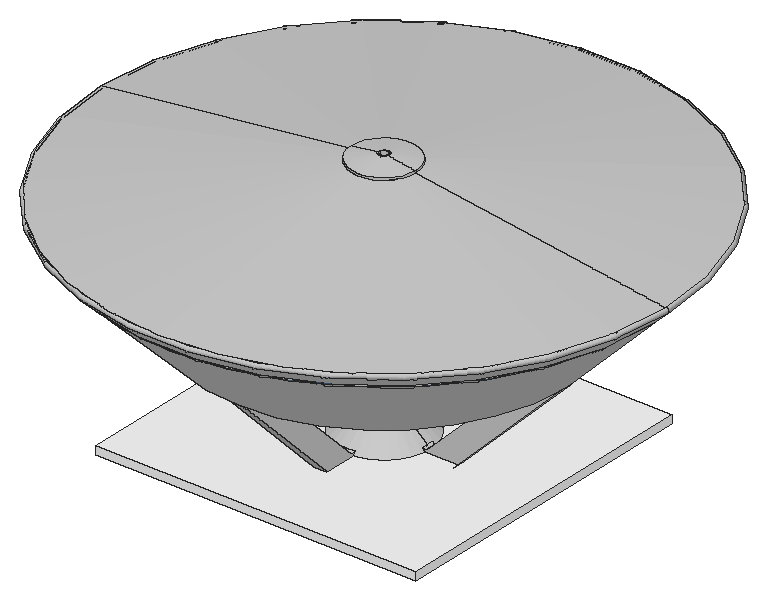
Revit family "BE_84401_de_DE", category Leuchten, Revit 2015
Parameters (values of type "BEGA_84401_Silber_K4")
  built-in parameter 1150104 = 17.744 (stored number, unit not read)
  Windangriffsfläche = "0.14 m²"
  Werkzeuglos = ""
  Wattage = 23.4 W
  Default Elevation = 0 mm
  built-in parameter 1150113 = 1 (stored number, unit not read)
  built-in parameter 1114218 = 1 (stored number, unit not read)
  Umgebungstemperatur = "25 °C"
  URL = "http://www.bega.de/produkt/84401"
  Typenkommentare = "© 2017 BEGA. Wir behalten uns das Recht vor, technische Änderungen ohne vorherige Ankündigung vorzunehmen."  # constant formula
  Type Image = 84401.png
  built-in parameter 1150134 = 12
  built-in parameter 1150109 = 1 (stored number, unit not read)
  Strom = ""
  built-in parameter 1150110 = 1 (stored number, unit not read)
  Spannung = 239.996 V
  Sonderanfertigung = no
  Seriennummer [instance] = "Hier können Sie die eindeutige Seriennummer für das Facility Management eintragen."
  Schutzklasse = "II"
  Schutzart = "IP 65"
  Scheinlast = 0 VA
  Produktdatenblatt = "http://www.bega.de/download/Xrfa/db/84401.db.de.pdf"
  Oberflächentemperatur = ""
  Neigungswinkel = 0.00°
  Modell = "84401A"
  Material_18 = BEGA_Gummi_schwarz
  Material_17 = BEGA_Reflektor
  Material_15 = BEGA_Leuchtmedium_matt
  Material_11 = BEGA_Glas_opal
  Material_10 = BEGA_Glas_matt
  Material_09 = BEGA_Glas_klar
  Material_06 = BEGA_Oberfläche_Edelstahl_gebürstet
  Material_03 = BEGA_Oberfläche_Weiss_matt
  Material_02 = BEGA_Oberfläche_Silber_matt
  Material_01 [instance] = BEGA_Oberfläche_Grafit_matt
  Mastzopfhöhe_h = ""
  Mastzopfdurchmesser_d = ""
  Mastzopf_Ø [instance] = "76 mm"  # constant formula
  Masthöhe_H = ""
  Mastdurchmesser_unten_Ø = ""
  Mast Gruppe = ""
  M_W = no
  M_G = no
  M_A = yes
  Logo = 0
  built-in parameter 1114217 = 1 (stored number, unit not read)
  built-in parameter 1150139 = (empty or 0)
  built-in parameter 1150105 = 355.66 (stored number, unit not read)
  built-in parameter 1150114 = 1 (stored number, unit not read)
  Lumens = 4469.4 lm
  Lichtpunkthöhe [instance] = ""
  built-in parameter 1150115 = 1 (stored number, unit not read)
  Leuchtenlichtstrom = "2230 lm"
  Leuchtenanzahl = ""
  Lebensdauerkriterien = "L70B50 @ 25 °C = 310000 h"
  Lastklassifizierung = Beleuchtung
  built-in parameter 1150112 = 1 (stored number, unit not read)
  Lampenlichtstrom = "4470 lm"
  Lampe = "LED 23.4 W"
  LED_Modulbezeichnung = "6x LED-0146/840"
  built-in parameter 1150142 = (empty or 0)
  Hersteller = "BEGA"  # constant formula
  Halbstreuwinkel = ""
  Gewicht = "14.6 kg"
  Frequenz = "0/50-60 Hz"
  Farbwiedergabeindex = "Ra > 80"
  Farbtemperaturverschiebung bei Dämpfen der Lampe = <Keine Auswahl>
  Farbtemperatur = "4000 K"
  Color Filter = 16777215
  Erdstücklänge_E = ""
  built-in parameter 1150133 = 10 (stored number, unit not read)
  Energieeffizienzklasse = "LED A++ - A"
  Einstecktiefe = "60 mm"
  built-in parameter 1150137 = (empty or 0)
  built-in parameter 1150132 = (empty or 0)
  Einbauöffnung = ""
  Einbautiefe = ""
  ENEC = ""
  Durchmesser_Fussplatte_D = ""
  Dimmbar [instance] = "1-10 V SELV"
  Datei für fotometrisches Netz = "BE_84401.IES"
  CE_Konformität = "ja"
  Bestellnummer = "84401A"
  Beschreibung_Sonderanfertigung = "Hier können Sie Informationen zur Sonderanfertigung eintragen."
  Beschreibung = "Aufsatzleuchte"
  built-in parameter 1150106 = 3.5566 (stored number, unit not read)
  Befestigungsbohrung = ""
  Befestigungsabstand = ""
  BEGA_Intern_aus = yes
  BEGA_Intern_an = yes
  BEGA_Intern_Konstruktion = yes
  BEGA_Intern = yes
  BEGA_IES_Z2 = 0 mm
  BEGA_IES_Z1 = 0 mm
  BEGA_IES_Y2 = 0 mm
  BEGA_IES_Y1 = 0 mm
  BEGA_IES_X2 = 0 mm
  BEGA_IES_X1 = 0 mm
  BEGA_IES3 = yes
  BEGA_IES2 = yes
  BEGA_IES1 = yes
  BEGA_IES = yes
  BEGA_Dummy = no
  Anschlussleitung = "6.0 m X05BQ-F 4 × 1²"
  Anschlussleistung [instance] = "27.2 W"
  Anschlusskasten = ""
  built-in parameter 1150107 = 4000 (stored number, unit not read)
  built-in parameter 1150102 = (empty or 0)
  built-in parameter 1150138 = (empty or 0)
  Aktualisierung = "2017-07-06T04:09:10"
  Abstand_zur_angestrahlten_Fläche [instance] = ""
  AC/DC = "AC/DC"
Types (4, lengths in mm): name | built-in parameter 1150104 | built-in parameter 1150134 | Modell | M_G | M_A | built-in parameter 1150105 | Lumens | Leuchtenlichtstrom | Lampenlichtstrom | LED_Modulbezeichnung | Farbtemperatur | Datei für fotometrisches Netz | Bestellnummer | built-in parameter 1150106 | built-in parameter 1150107
  BEGA_84401_Grafit_K3 | 17.271 (stored number, unit not read) | (empty or 0) | "84401K3" | yes | no | 346.17 (stored number, unit not read) | 4350.06 lm | "2170 lm" | "4350 lm" | "6x LED-0146/830" | "3000 K" | "BE_84401K3.IES" | "84401K3" | 3.4617 (stored number, unit not read) | 3000 (stored number, unit not read)
  BEGA_84401_Grafit_K4 | 17.744 (stored number, unit not read) | 12 | "84401" | yes | no | 355.66 (stored number, unit not read) | 4469.4 lm | "2230 lm" | "4470 lm" | "6x LED-0146/840" | "4000 K" | "BE_84401.IES" | "84401" | 3.5566 (stored number, unit not read) | 4000 (stored number, unit not read)
  BEGA_84401_Silber_K3 | 17.271 (stored number, unit not read) | (empty or 0) | "84401AK3" | no | yes | 346.17 (stored number, unit not read) | 4350.06 lm | "2170 lm" | "4350 lm" | "6x LED-0146/830" | "3000 K" | "BE_84401K3.IES" | "84401AK3" | 3.4617 (stored number, unit not read) | 3000 (stored number, unit not read)
  BEGA_84401_Silber_K4 | 17.744 (stored number, unit not read) | 12 | "84401A" | no | yes | 355.66 (stored number, unit not read) | 4469.4 lm | "2230 lm" | "4470 lm" | "6x LED-0146/840" | "4000 K" | "BE_84401.IES" | "84401A" | 3.5566 (stored number, unit not read) | 4000 (stored number, unit not read)
Reference planes
  plane 1 "Mitte (Vorne/Hinten)": y = 0
  plane 2: z = 0
  plane 3 "Mitte (Links/Rechts)": x = 0
  plane 4 "Links": x = -355.4
  plane 5 "Rechts": x = 355.4
  plane 6 "Unten": y = -355.4
  plane 7 "Oben": y = 355.4
  plane 8 "Vorne": z = 310.102
  plane 9 "Hinten": z = -56.988
Forms (mm)
  Extrusion 1, solid, material "BEGA_Platte_Weiss"
    sketch origin (0, -1119.2, 0) x (1, 0, 0) y (0, 1, 0)
      loop
        line (-200, 1319.2) -> (-200, 919.2) -> (200, 919.2) -> (200, 1319.2) -> (-200, 1319.2)
    from 0 to -10
  Extrusion 2, solid, material "BEGA_Dummy_matt", visible <- "BEGA_Dummy"
    sketch origin (77.149, -76.023, 0) x (1, 0, 0) y (0, 1, 0)
      loop
        circle (-77.149, 76.023) r 355.4
    from 0 to 310.102
Dimensions and locks
  plane 1 "Mitte (Vorne/Hinten)" to Extrusion 1 = 200 mm
  aligned and locked: plane 2 to Extrusion 1
  aligned and locked: level to Extrusion 1
Nested families
  nested 1: "BE_84401" at (0, 0, 0), type "BE_84401"
Connectors
  electrical at (0, 0, 0), driven by "Lastklassifizierung", driven by "Spannung", driven by "Scheinlast"
    settings: index 1, voltage 239.996 V, apparent load 0 VA, apparent load phase1 0 VA, apparent load phase2 0 VA, apparent load phase3 0 VA, power factor 1, load classification "Beleuchtung", number of poles 1, system type 31, power factor state 1, is connector primary yes, connector utility no, sub classification motor no, connector description ""
Definition of nested family "BE_84401"
  Parameters (values of type "BE_84401")
    Default Elevation = 1 mm
    URL = "http://www.bega.de/de/produkt"
    Type Comments = "© 2015 BEGA. Wir behalten uns das Recht vor, technische Änderungen ohne vorherige Ankündigung vorzunehmen. "  # constant formula
    Type Image = (empty or 0)
    Material_18 = none
    Material_17 = none
    Material_15 = none
    Material_11 = none
    Material_10 = none
    Material_09 = none
    Material_06 = none
    Material_03 = none
    Material_02 = none
    Material_01 = none
    M_W = yes
    M_G = yes
    M_A = yes
    Länge_Platte = 200 mm  # constant formula
    Höhe_Platte = -10 mm  # constant formula
    Manufacturer = "BEGA"  # constant formula
    Breite_Platte = 200 mm  # constant formula
  Reference planes
    plane 1 "Mitte (Oben/Unten)": y = 0
    plane 2: z = 0
    plane 3 "Mitte (Links/Rechts)": x = 0
    plane 4: z = 310.102
    plane 5: x = -355.4
    plane 6: z = -56.988
    plane 7: x = 355.4
    plane 8: y = -355.4
    plane 9: y = 355.4
  Forms (mm)
    Extrusion 1, solid, detail levels medium
      sketch origin (0, 0, 0) x (1, 0, 0) y (0, 1, 0)
        loop
          line (-100, 100) -> (-100, -100) -> (100, -100) -> (100, 100) -> (-100, 100)
      from 0 to -10 <- "Höhe_Platte"
    Revolve 2, solid, material <- "Material_01", visible <- "M_G", detail levels medium+fine
      sketch origin (0, 0, 0) x (1, 0, 0) y (0, 0, 1)
        loop
          line (37.096, -0.983) -> (37.921, -57) -> (41.96, -57) -> (78.3, -20.66) -> (34.14, 23.5) -> (0, 23.5) -> (0, 18.5) -> (30.391, 18.5) -> (30.656, 0) -> (36.096, 0)
          arc (36.096, 0) -> (36.797, -0.287) -> (37.096, -0.983) r 1
        axis (0, -57) -> (0, 23.5)
      angle from 0 to 360
    Extrusion 3, solid, material <- "Material_01", visible <- "M_G", detail levels medium+fine
      sketch origin (0, 0, 0) x (1, 0, 0) y (0, 0, 1)
        loop
          line (-78.3, -20.66) -> (-54.151, 3.489)
          arc (-54.151, 3.489) -> (-55.774, 2.405) -> (-57.687, 2.024) r 5
          arc (-57.687, 2.024) -> (-59.6, 2.405) -> (-61.223, 3.489) r 5
          line (-61.223, 3.489) -> (-185.734, 128) -> (-226.96, 128) -> (-78.3, -20.66)
      from -7.5 to 7.5
    Extrusion 4, solid, material <- "Material_01", visible <- "M_G", detail levels medium+fine
      sketch origin (0, 0, 0) x (0, -1, 0) y (0, 0, 1)
        loop
          line (-78.3, -20.66) -> (-54.151, 3.489)
          arc (-54.151, 3.489) -> (-55.774, 2.405) -> (-57.687, 2.024) r 5
          arc (-57.687, 2.024) -> (-59.6, 2.405) -> (-61.223, 3.489) r 5
          line (-61.223, 3.489) -> (-185.734, 128) -> (-226.96, 128) -> (-78.3, -20.66)
      from -7.5 to 7.43
    Extrusion 5, solid, material <- "Material_01", visible <- "M_G", detail levels medium+fine
      sketch origin (0, 0, 0) x (0, 1, 0) y (0, 0, 1)
        loop
          line (-78.3, -20.66) -> (-54.151, 3.489)
          arc (-54.151, 3.489) -> (-55.774, 2.405) -> (-57.687, 2.024) r 5
          arc (-57.687, 2.024) -> (-59.6, 2.405) -> (-61.223, 3.489) r 5
          line (-61.223, 3.489) -> (-185.734, 128) -> (-226.96, 128) -> (-78.3, -20.66)
      from -7.43 to 7.5
    Extrusion 6, solid, material <- "Material_01", visible <- "M_G", detail levels medium+fine
      sketch origin (0, 0, 0) x (-1, 0, 0) y (0, 0, 1)
        loop
          line (-78.3, -20.66) -> (-54.151, 3.489)
          arc (-54.151, 3.489) -> (-55.774, 2.405) -> (-57.687, 2.024) r 5
          arc (-57.687, 2.024) -> (-59.6, 2.405) -> (-61.223, 3.489) r 5
          line (-61.223, 3.489) -> (-185.734, 128) -> (-226.96, 128) -> (-78.3, -20.66)
      from -7.5 to 7.5
    Revolve 7, solid, material <- "Material_01", visible <- "M_G", detail levels medium+fine
      sketch origin (0, 0, 0) x (1, 0, 0) y (0, 0, 1)
        loop
          arc (-352.412, 261.464) -> (-355.225, 259.094) -> (-354.365, 255.517) r 3.5
          line (-354.365, 255.517) -> (-339.4, 240.552) -> (-337.632, 242.32) -> (-352.612, 257.299)
          arc (-352.612, 257.299) -> (-352.848, 258.319) -> (-352.046, 258.991) r 1
          arc (-352.046, 258.991) -> (-195.485, 280.678) -> (-38.548, 299.452) r 8508.253
          arc (-38.548, 299.452) -> (-35.805, 299.677) -> (-33.062, 299.752) r 50
          line (-33.062, 299.752) -> (-10, 299.752) -> (-10, 302.252) -> (-33.077, 302.252)
          arc (-33.077, 302.252) -> (-35.957, 302.173) -> (-38.829, 301.936) r 52.5
          arc (-38.829, 301.936) -> (-195.805, 283.157) -> (-352.412, 261.464) r 8510.753
        axis (0, 240.552) -> (0, 302.252)
      angle from 0 to 360
    Revolve 8, solid, material <- "Material_01", visible <- "M_G", detail levels medium+fine
      sketch origin (0, 0, 0) x (1, 0, 0) y (0, 0, 1)
        loop
          line (-40, 302.564) -> (-9.546, 302.564) -> (-9.546, 295.672) -> (0, 295.672) -> (0, 302.564) -> (-4.734, 302.564) -> (-4.734, 310.102) -> (-5.56, 310.101)
          arc (-5.56, 310.101) -> (-6.013, 310.084) -> (-6.464, 310.034) r 6.282
          line (-6.464, 310.034) -> (-40, 305.102) -> (-40, 302.564)
        axis (0, 295.672) -> (0, 310.102)
      angle from 0 to 360
    Revolve 9, solid, material <- "Material_10", detail levels medium+fine
      sketch origin (0, 0, 0) x (1, 0, 0) y (0, 0, 1)
        loop
          line (-187.5, 134.9) -> (-187.5, 130.9) -> (0, 130.9) -> (0, 134.9) -> (-187.5, 134.9)
        axis (0, 130.9) -> (0, 134.9)
      angle from 0 to 360
    Revolve 10, void
      sketch origin (0, 0, -39.5) x (1, 0, 0) y (0, 1, 0)
        loop
          line (40.446, -34.507) -> (30.01, -24.366) -> (27.188, -27.188) -> (47.381, -47.381) -> (52.145, -42.273) -> (42.073, -32.88) -> (40.446, -34.507)
        axis (27.188, -27.188) -> (47.381, -47.381)
      angle from 0 to 360
    Revolve 11, solid, material <- "Material_06", detail levels fine
      sketch origin (0, 0, -39.5) x (1, 0, 0) y (0, 1, 0)
        loop
          line (37.184, -37.184) -> (40.012, -34.355) -> (33.234, -27.577) -> (30.405, -30.406) -> (37.184, -37.184)
        axis (37.184, -37.184) -> (30.405, -30.406)
      angle from 0 to 360
    Revolve 12, void
      sketch origin (0, 0, -39.5) x (0, -1, 0) y (1, 0, 0)
        loop
          line (40.446, -34.507) -> (30.01, -24.366) -> (27.188, -27.188) -> (47.381, -47.381) -> (52.145, -42.273) -> (42.073, -32.88) -> (40.446, -34.507)
        axis (27.188, -27.188) -> (47.381, -47.381)
      angle from 0 to 360
    Revolve 13, void
      sketch origin (0, 0, -39.5) x (0, 1, 0) y (-1, 0, 0)
        loop
          line (40.446, -34.507) -> (30.01, -24.366) -> (27.188, -27.188) -> (47.381, -47.381) -> (52.145, -42.273) -> (42.073, -32.88) -> (40.446, -34.507)
        axis (27.188, -27.188) -> (47.381, -47.381)
      angle from 0 to 360
    Revolve 14, void
      sketch origin (0, 0, -39.5) x (-1, 0, 0) y (0, -1, 0)
        loop
          line (40.446, -34.507) -> (30.01, -24.366) -> (27.188, -27.188) -> (47.381, -47.381) -> (52.145, -42.273) -> (42.073, -32.88) -> (40.446, -34.507)
        axis (27.188, -27.188) -> (47.381, -47.381)
      angle from 0 to 360
    Revolve 15, solid, material <- "Material_06", detail levels fine
      sketch origin (0, 0, -39.5) x (0, -1, 0) y (1, 0, 0)
        loop
          line (37.184, -37.184) -> (40.012, -34.355) -> (33.234, -27.577) -> (30.405, -30.406) -> (37.184, -37.184)
        axis (37.184, -37.184) -> (30.405, -30.406)
      angle from 0 to 360
    Revolve 16, solid, material <- "Material_06", detail levels fine
      sketch origin (0, 0, -39.5) x (0, 1, 0) y (-1, 0, 0)
        loop
          line (37.184, -37.184) -> (40.012, -34.355) -> (33.234, -27.577) -> (30.405, -30.406) -> (37.184, -37.184)
        axis (37.184, -37.184) -> (30.405, -30.406)
      angle from 0 to 360
    Revolve 17, solid, material <- "Material_06", detail levels fine
      sketch origin (0, 0, -39.5) x (-1, 0, 0) y (0, -1, 0)
        loop
          line (37.184, -37.184) -> (40.012, -34.355) -> (33.234, -27.577) -> (30.405, -30.406) -> (37.184, -37.184)
        axis (37.184, -37.184) -> (30.405, -30.406)
      angle from 0 to 360
    Revolve 18, solid, material <- "Material_01", visible <- "M_G", detail levels medium+fine
      sketch origin (0, 0, 0) x (1, 0, 0) y (0, 0, 1)
        loop
          line (-187.727, 128) -> (-187.727, 131) -> (-225.707, 131) -> (-332.65, 237.943) -> (-332.65, 253.5) -> (-335.65, 253.5) -> (-335.65, 237.756)
          arc (-335.65, 237.756) -> (-335.476, 236.88) -> (-334.979, 236.137) r 2.29
          line (-334.979, 236.137) -> (-226.842, 128) -> (-187.727, 128)
        axis (0, 128) -> (0, 253.5)
      angle from 0 to 360
    Revolve 19, solid, material <- "Material_02", visible <- "M_A", detail levels medium+fine
      sketch origin (0, 0, 0) x (1, 0, 0) y (0, 0, 1)
        loop
          line (37.096, -0.983) -> (37.921, -57) -> (41.96, -57) -> (78.3, -20.66) -> (34.14, 23.5) -> (0, 23.5) -> (0, 18.5) -> (30.391, 18.5) -> (30.656, 0) -> (36.096, 0)
          arc (36.096, 0) -> (36.797, -0.287) -> (37.096, -0.983) r 1
        axis (0, -57) -> (0, 23.5)
      angle from 0 to 360
    Extrusion 20, solid, material <- "Material_02", visible <- "M_A", detail levels medium+fine
      sketch origin (0, 0, 0) x (1, 0, 0) y (0, 0, 1)
        loop
          line (-78.3, -20.66) -> (-54.151, 3.489)
          arc (-54.151, 3.489) -> (-55.774, 2.405) -> (-57.687, 2.024) r 5
          arc (-57.687, 2.024) -> (-59.6, 2.405) -> (-61.223, 3.489) r 5
          line (-61.223, 3.489) -> (-185.734, 128) -> (-226.96, 128) -> (-78.3, -20.66)
      from -7.5 to 7.5
    Extrusion 21, solid, material <- "Material_02", visible <- "M_A", detail levels medium+fine
      sketch origin (0, 0, 0) x (0, -1, 0) y (0, 0, 1)
        loop
          line (-78.3, -20.66) -> (-54.151, 3.489)
          arc (-54.151, 3.489) -> (-55.774, 2.405) -> (-57.687, 2.024) r 5
          arc (-57.687, 2.024) -> (-59.6, 2.405) -> (-61.223, 3.489) r 5
          line (-61.223, 3.489) -> (-185.734, 128) -> (-226.96, 128) -> (-78.3, -20.66)
      from -7.5 to 7.43
    Extrusion 22, solid, material <- "Material_02", visible <- "M_A", detail levels medium+fine
      sketch origin (0, 0, 0) x (0, 1, 0) y (0, 0, 1)
        loop
          line (-78.3, -20.66) -> (-54.151, 3.489)
          arc (-54.151, 3.489) -> (-55.774, 2.405) -> (-57.687, 2.024) r 5
          arc (-57.687, 2.024) -> (-59.6, 2.405) -> (-61.223, 3.489) r 5
          line (-61.223, 3.489) -> (-185.734, 128) -> (-226.96, 128) -> (-78.3, -20.66)
      from -7.43 to 7.5
    Extrusion 23, solid, material <- "Material_02", visible <- "M_A", detail levels medium+fine
      sketch origin (0, 0, 0) x (-1, 0, 0) y (0, 0, 1)
        loop
          line (-78.3, -20.66) -> (-54.151, 3.489)
          arc (-54.151, 3.489) -> (-55.774, 2.405) -> (-57.687, 2.024) r 5
          arc (-57.687, 2.024) -> (-59.6, 2.405) -> (-61.223, 3.489) r 5
          line (-61.223, 3.489) -> (-185.734, 128) -> (-226.96, 128) -> (-78.3, -20.66)
      from -7.5 to 7.5
    Revolve 24, solid, material <- "Material_02", visible <- "M_A", detail levels medium+fine
      sketch origin (0, 0, 0) x (1, 0, 0) y (0, 0, 1)
        loop
          line (-187.727, 128) -> (-187.727, 131) -> (-225.707, 131) -> (-332.65, 237.943) -> (-332.65, 253.5) -> (-335.65, 253.5) -> (-335.65, 237.756)
          arc (-335.65, 237.756) -> (-335.476, 236.88) -> (-334.979, 236.137) r 2.29
          line (-334.979, 236.137) -> (-226.842, 128) -> (-187.727, 128)
        axis (0, 128) -> (0, 253.5)
      angle from 0 to 360
    Revolve 25, solid, material <- "Material_02", visible <- "M_A", detail levels medium+fine
      sketch origin (0, 0, 0) x (1, 0, 0) y (0, 0, 1)
        loop
          arc (-352.412, 261.464) -> (-355.225, 259.094) -> (-354.365, 255.517) r 3.5
          line (-354.365, 255.517) -> (-339.4, 240.552) -> (-337.632, 242.32) -> (-352.612, 257.299)
          arc (-352.612, 257.299) -> (-352.848, 258.319) -> (-352.046, 258.991) r 1
          arc (-352.046, 258.991) -> (-195.485, 280.678) -> (-38.548, 299.452) r 8508.253
          arc (-38.548, 299.452) -> (-35.805, 299.677) -> (-33.062, 299.752) r 50
          line (-33.062, 299.752) -> (-10, 299.752) -> (-10, 302.252) -> (-33.077, 302.252)
          arc (-33.077, 302.252) -> (-35.957, 302.173) -> (-38.829, 301.936) r 52.5
          arc (-38.829, 301.936) -> (-195.805, 283.157) -> (-352.412, 261.464) r 8510.753
        axis (0, 240.552) -> (0, 302.252)
      angle from 0 to 360
    Revolve 26, solid, material <- "Material_02", visible <- "M_A", detail levels medium+fine
      sketch origin (0, 0, 0) x (1, 0, 0) y (0, 0, 1)
        loop
          line (-40, 302.564) -> (-9.546, 302.564) -> (-9.546, 295.672) -> (0, 295.672) -> (0, 302.564) -> (-4.734, 302.564) -> (-4.734, 310.102) -> (-5.56, 310.101)
          arc (-5.56, 310.101) -> (-6.013, 310.084) -> (-6.464, 310.034) r 6.282
          line (-6.464, 310.034) -> (-40, 305.102) -> (-40, 302.564)
        axis (0, 295.672) -> (0, 310.102)
      angle from 0 to 360
  Cuts and joins
    Revolve 10, Revolve 12, Revolve 13, Revolve 14 cuts Revolve 2
    Revolve 10, Revolve 12, Revolve 13, Revolve 14 cuts Extrusion 3
    Revolve 10, Revolve 12, Revolve 13, Revolve 14 cuts Extrusion 4
    Revolve 10, Revolve 12, Revolve 13, Revolve 14 cuts Extrusion 5
    Revolve 10, Revolve 12, Revolve 13, Revolve 14 cuts Extrusion 6
    Revolve 12 cuts Revolve 18
    joined: Revolve 2, Extrusion 3, Extrusion 4, Extrusion 5, Extrusion 6, Revolve 18
    joined: Revolve 7, Revolve 8
    Revolve 12 cuts Revolve 11
    Revolve 10, Revolve 12, Revolve 13, Revolve 14 cuts Revolve 19
    joined: Revolve 19, Extrusion 20, Extrusion 21, Extrusion 22, Extrusion 23, Revolve 24
    joined: Revolve 25, Revolve 26
  Dimensions and locks
    equal spacing: Extrusion 1 sketch curve, plane 3 "Mitte (Links/Rechts)", Extrusion 1 sketch curve
    equal spacing: Extrusion 1 sketch curve, plane 1 "Mitte (Oben/Unten)", Extrusion 1 sketch curve
    "Länge_Platte": Extrusion 1 sketch curve to Extrusion 1 sketch curve
    "Breite_Platte": Extrusion 1 sketch curve to Extrusion 1 sketch curve
    aligned and locked: Extrusion 1 to plane 2
    aligned and locked: level to Extrusion 1
  Automatic sketch dimensions
    Revolve 2 sketch curve to plane 3 "Mitte (Links/Rechts)" = 0 mm  (x2)
    Revolve 2 sketch curve to Revolve 2 sketch curve = 30.391 mm
    level to Revolve 2 sketch curve = 0 mm
    Revolve 2 sketch curve to Revolve 2 sketch curve = 0.266 mm
    Revolve 2 sketch curve to level = 1 mm
    Revolve 2 sketch curve to Revolve 2 sketch curve = 5.44 mm
    Revolve 2 sketch curve to level = 0.983 mm
    plane 3 "Mitte (Links/Rechts)" to Revolve 2 sketch curve = 37.921 mm
    Revolve 2 sketch curve to Revolve 2 sketch curve = 4.039 mm
    Revolve 2 sketch curve to level = 20.66 mm
    Revolve 2 sketch curve to Revolve 2 sketch curve = 41.204 mm
    Revolve 2 sketch curve to Revolve 2 sketch curve = 36.34 mm
    level to Revolve 2 sketch curve = 18.5 mm
    Revolve 2 sketch curve to Revolve 2 sketch curve = 5 mm
    Revolve 2 sketch curve to Revolve 2 sketch curve = 3.749 mm
    Revolve 2 sketch curve to Revolve 2 sketch curve = 6.993 mm
    Revolve 2 sketch curve to Revolve 2 sketch curve = 6.673 mm
    Extrusion 3 sketch curve to Extrusion 3 sketch curve = 0 mm  (x10)
    Extrusion 3 sketch curve to Extrusion 3 sketch curve = 20.613 mm  (x2)
    Extrusion 3 sketch curve to Extrusion 3 sketch curve = 3.536 mm  (x2)
    Extrusion 3 sketch curve to Extrusion 3 sketch curve = 124.511 mm
    Extrusion 3 sketch curve to Extrusion 3 sketch curve = 41.226 mm
    Extrusion 3 sketch curve to Extrusion 3 sketch curve = 27.684 mm
    Extrusion 3 sketch curve to Extrusion 3 sketch curve = 120.976 mm
    Extrusion 3 sketch curve to Extrusion 3 sketch curve = 5 mm
    Extrusion 4 sketch curve to Extrusion 4 sketch curve = 0 mm  (x10)
    Extrusion 4 sketch curve to Extrusion 4 sketch curve = 20.613 mm  (x2)
    Extrusion 4 sketch curve to Extrusion 4 sketch curve = 3.536 mm  (x2)
    Extrusion 4 sketch curve to Extrusion 4 sketch curve = 124.511 mm
    Extrusion 4 sketch curve to Extrusion 4 sketch curve = 41.226 mm
    Extrusion 4 sketch curve to Extrusion 4 sketch curve = 27.684 mm
    Extrusion 4 sketch curve to Extrusion 4 sketch curve = 120.976 mm
    Extrusion 4 sketch curve to Extrusion 4 sketch curve = 5 mm
    Extrusion 5 sketch curve to Extrusion 5 sketch curve = 0 mm  (x10)
    Extrusion 5 sketch curve to Extrusion 5 sketch curve = 20.613 mm  (x2)
    Extrusion 5 sketch curve to Extrusion 5 sketch curve = 3.536 mm  (x2)
    Extrusion 5 sketch curve to Extrusion 5 sketch curve = 124.511 mm
    Extrusion 5 sketch curve to Extrusion 5 sketch curve = 41.226 mm
    Extrusion 5 sketch curve to Extrusion 5 sketch curve = 27.684 mm
    Extrusion 5 sketch curve to Extrusion 5 sketch curve = 120.976 mm
    Extrusion 5 sketch curve to Extrusion 5 sketch curve = 5 mm
    Extrusion 6 sketch curve to Extrusion 6 sketch curve = 0 mm  (x10)
    Extrusion 6 sketch curve to Extrusion 6 sketch curve = 20.613 mm  (x2)
    Extrusion 6 sketch curve to Extrusion 6 sketch curve = 3.536 mm  (x2)
    Extrusion 6 sketch curve to Extrusion 6 sketch curve = 124.511 mm
    Extrusion 6 sketch curve to Extrusion 6 sketch curve = 41.226 mm
    Extrusion 6 sketch curve to Extrusion 6 sketch curve = 27.684 mm
    Extrusion 6 sketch curve to Extrusion 6 sketch curve = 120.976 mm
    Extrusion 6 sketch curve to Extrusion 6 sketch curve = 5 mm
    Extrusion 3 sketch curve to plane 3 "Mitte (Links/Rechts)" = 226.96 mm
    Extrusion 3 sketch curve to level = 20.66 mm
    Extrusion 4 sketch curve to plane 1 "Mitte (Oben/Unten)" = 226.96 mm
    Extrusion 4 sketch curve to level = 20.66 mm
    plane 1 "Mitte (Oben/Unten)" to Extrusion 5 sketch curve = 226.96 mm
    Extrusion 5 sketch curve to level = 20.66 mm
    plane 3 "Mitte (Links/Rechts)" to Extrusion 6 sketch curve = 226.96 mm
    Extrusion 6 sketch curve to level = 20.66 mm
    Revolve 9 sketch curve to plane 3 "Mitte (Links/Rechts)" = 0 mm  (x2)
    Revolve 9 sketch curve to Revolve 9 sketch curve = 187.5 mm
    level to Revolve 9 sketch curve = 130.9 mm
    Revolve 9 sketch curve to Revolve 9 sketch curve = 4 mm
    Revolve 9 sketch curve to Revolve 9 sketch curve = 0 mm  (x2)
    Revolve 7 sketch curve to Revolve 7 sketch curve = 0 mm  (x9)
    Revolve 7 sketch curve to plane 3 "Mitte (Links/Rechts)" = 0 mm
    Revolve 7 sketch curve to plane 3 "Mitte (Links/Rechts)" = 10 mm
    Revolve 7 sketch curve to Revolve 7 sketch curve = 23.062 mm
    Revolve 7 sketch curve to Revolve 7 sketch curve = 0.015 mm
    Revolve 7 sketch curve to Revolve 7 sketch curve = 304.555 mm
    Revolve 7 sketch curve to Revolve 7 sketch curve = 1.768 mm  (x2)
    Revolve 7 sketch curve to Revolve 7 sketch curve = 14.268 mm
    Revolve 7 sketch curve to Revolve 7 sketch curve = 0.712 mm
    Revolve 7 sketch curve to Revolve 7 sketch curve = 1.753 mm
    plane 3 "Mitte (Links/Rechts)" to Revolve 7 sketch curve = 893.556 mm
    Revolve 7 sketch curve to level = 8157.59 mm
    level to Revolve 7 sketch curve = 240.552 mm
    level to Revolve 7 sketch curve = 249.752 mm
    Revolve 7 sketch curve to Revolve 7 sketch curve = 14.965 mm
    Revolve 7 sketch curve to Revolve 7 sketch curve = 1.782 mm
    Revolve 7 sketch curve to Revolve 7 sketch curve = 0.703 mm
    Revolve 7 sketch curve to Revolve 7 sketch curve = 50 mm
    Revolve 7 sketch curve to Revolve 7 sketch curve = 2.5 mm
    Revolve 7 sketch curve to Revolve 7 sketch curve = 5.478 mm
    Revolve 7 sketch curve to Revolve 7 sketch curve = 0.008 mm
    Revolve 7 sketch curve to Revolve 7 sketch curve = 0.274 mm
    Revolve 7 sketch curve to Revolve 7 sketch curve = 0.007 mm
    Revolve 7 sketch curve to Revolve 7 sketch curve = 0.146 mm
    Revolve 7 sketch curve to Revolve 7 sketch curve = 0.366 mm
    Revolve 7 sketch curve to Revolve 7 sketch curve = 40.769 mm
    Revolve 7 sketch curve to Revolve 7 sketch curve = 21.731 mm
    Revolve 8 sketch curve to plane 3 "Mitte (Links/Rechts)" = 0 mm  (x2)
    Revolve 8 sketch curve to plane 3 "Mitte (Links/Rechts)" = 4.734 mm
    Revolve 8 sketch curve to Revolve 8 sketch curve = 0.816 mm
    Revolve 8 sketch curve to Revolve 8 sketch curve = 0.826 mm
    Revolve 8 sketch curve to Revolve 8 sketch curve = 0.904 mm
    Revolve 8 sketch curve to Revolve 8 sketch curve = 4.812 mm
    Revolve 8 sketch curve to Revolve 8 sketch curve = 30.454 mm
    level to Revolve 8 sketch curve = 295.672 mm
    Revolve 8 sketch curve to Revolve 8 sketch curve = 6.892 mm
    Revolve 8 sketch curve to Revolve 8 sketch curve = 1.255 mm  (x2)
    Revolve 8 sketch curve to Revolve 8 sketch curve = 2.538 mm
    Revolve 8 sketch curve to Revolve 8 sketch curve = 6.215 mm
    Revolve 8 sketch curve to Revolve 8 sketch curve = 0.001 mm
    Revolve 8 sketch curve to Revolve 8 sketch curve = 3.063 mm
    Revolve 8 sketch curve to Revolve 8 sketch curve = 2.081 mm
    Revolve 10 sketch curve to Revolve 10 sketch curve = 2.822 mm  (x2)
    Revolve 10 sketch curve to Revolve 10 sketch curve = 1.626 mm  (x2)
    Revolve 10 sketch curve to Revolve 10 sketch curve = 6.935 mm
    Revolve 10 sketch curve to Revolve 10 sketch curve = 4.764 mm
    Revolve 10 sketch curve to Revolve 10 sketch curve = 5.108 mm
    Revolve 10 sketch curve to Revolve 10 sketch curve = 7.319 mm
    Revolve 10 sketch curve to Revolve 10 sketch curve = 10.436 mm
    Revolve 11 sketch curve to Revolve 11 sketch curve = 2.828 mm  (x2)
    Revolve 11 sketch curve to Revolve 11 sketch curve = 6.778 mm
    Revolve 11 sketch curve to Revolve 11 sketch curve = 0 mm  (x2)
    Revolve 11 sketch curve to Revolve 11 sketch curve = 0.293 mm  (x2)
    Revolve 10 sketch curve to Revolve 10 sketch curve = 3.162 mm  (x2)
    Revolve 10 sketch curve to Revolve 10 sketch curve = 1.036 mm  (x2)
    Revolve 12 sketch curve to Revolve 12 sketch curve = 2.822 mm  (x2)
    Revolve 12 sketch curve to Revolve 12 sketch curve = 1.626 mm  (x2)
    Revolve 12 sketch curve to Revolve 12 sketch curve = 6.935 mm
    Revolve 12 sketch curve to Revolve 12 sketch curve = 4.764 mm
    Revolve 12 sketch curve to Revolve 12 sketch curve = 5.108 mm
    Revolve 12 sketch curve to Revolve 12 sketch curve = 7.319 mm
    Revolve 12 sketch curve to Revolve 12 sketch curve = 10.436 mm
    Revolve 12 sketch curve to Revolve 12 sketch curve = 3.162 mm  (x2)
    Revolve 12 sketch curve to Revolve 12 sketch curve = 1.036 mm  (x2)
    Revolve 13 sketch curve to Revolve 13 sketch curve = 2.822 mm  (x2)
    Revolve 13 sketch curve to Revolve 13 sketch curve = 1.626 mm  (x2)
    Revolve 13 sketch curve to Revolve 13 sketch curve = 6.935 mm
    Revolve 13 sketch curve to Revolve 13 sketch curve = 4.764 mm
    Revolve 13 sketch curve to Revolve 13 sketch curve = 5.108 mm
    Revolve 13 sketch curve to Revolve 13 sketch curve = 7.319 mm
    Revolve 13 sketch curve to Revolve 13 sketch curve = 10.436 mm
    Revolve 13 sketch curve to Revolve 13 sketch curve = 3.162 mm  (x2)
    Revolve 13 sketch curve to Revolve 13 sketch curve = 1.036 mm  (x2)
    Revolve 14 sketch curve to Revolve 14 sketch curve = 2.822 mm  (x2)
    Revolve 14 sketch curve to Revolve 14 sketch curve = 1.626 mm  (x2)
    Revolve 14 sketch curve to Revolve 14 sketch curve = 6.935 mm
    Revolve 14 sketch curve to Revolve 14 sketch curve = 4.764 mm
    Revolve 14 sketch curve to Revolve 14 sketch curve = 5.108 mm
    Revolve 14 sketch curve to Revolve 14 sketch curve = 7.319 mm
    Revolve 14 sketch curve to Revolve 14 sketch curve = 10.436 mm
    Revolve 14 sketch curve to Revolve 14 sketch curve = 3.162 mm  (x2)
    Revolve 14 sketch curve to Revolve 14 sketch curve = 1.036 mm  (x2)
    plane 3 "Mitte (Links/Rechts)" to Revolve 10 sketch curve = 27.188 mm
    plane 1 "Mitte (Oben/Unten)" to Revolve 10 sketch curve = 47.381 mm
    plane 1 "Mitte (Oben/Unten)" to Revolve 12 sketch curve = 27.188 mm
    Revolve 12 sketch curve to plane 3 "Mitte (Links/Rechts)" = 47.381 mm
    Revolve 13 sketch curve to plane 1 "Mitte (Oben/Unten)" = 27.188 mm
    plane 3 "Mitte (Links/Rechts)" to Revolve 13 sketch curve = 47.381 mm
    Revolve 14 sketch curve to plane 3 "Mitte (Links/Rechts)" = 27.188 mm
    Revolve 14 sketch curve to plane 1 "Mitte (Oben/Unten)" = 47.381 mm
    Revolve 15 sketch curve to Revolve 15 sketch curve = 2.828 mm  (x2)
    Revolve 15 sketch curve to Revolve 15 sketch curve = 6.778 mm
    Revolve 15 sketch curve to Revolve 15 sketch curve = 0 mm  (x2)
    Revolve 15 sketch curve to Revolve 15 sketch curve = 0.293 mm  (x2)
    Revolve 16 sketch curve to Revolve 16 sketch curve = 2.828 mm  (x2)
    Revolve 16 sketch curve to Revolve 16 sketch curve = 6.778 mm
    Revolve 16 sketch curve to Revolve 16 sketch curve = 0 mm  (x2)
    Revolve 16 sketch curve to Revolve 16 sketch curve = 0.293 mm  (x2)
    Revolve 17 sketch curve to Revolve 17 sketch curve = 2.828 mm  (x2)
    Revolve 17 sketch curve to Revolve 17 sketch curve = 6.778 mm
    Revolve 17 sketch curve to Revolve 17 sketch curve = 0 mm  (x2)
    Revolve 17 sketch curve to Revolve 17 sketch curve = 0.293 mm  (x2)
    plane 3 "Mitte (Links/Rechts)" to Revolve 11 sketch curve = 30.405 mm
    plane 1 "Mitte (Oben/Unten)" to Revolve 11 sketch curve = 37.184 mm
    plane 1 "Mitte (Oben/Unten)" to Revolve 15 sketch curve = 30.405 mm
    Revolve 15 sketch curve to plane 3 "Mitte (Links/Rechts)" = 37.184 mm
    Revolve 16 sketch curve to plane 1 "Mitte (Oben/Unten)" = 30.405 mm
    plane 3 "Mitte (Links/Rechts)" to Revolve 16 sketch curve = 37.184 mm
    Revolve 17 sketch curve to plane 3 "Mitte (Links/Rechts)" = 30.405 mm
    Revolve 17 sketch curve to plane 1 "Mitte (Oben/Unten)" = 37.184 mm
    Revolve 18 sketch curve to plane 3 "Mitte (Links/Rechts)" = 0 mm
    Revolve 18 sketch curve to plane 3 "Mitte (Links/Rechts)" = 187.727 mm
    Revolve 18 sketch curve to Revolve 18 sketch curve = 37.98 mm
    Revolve 18 sketch curve to Revolve 18 sketch curve = 1.135 mm
    Revolve 18 sketch curve to Revolve 18 sketch curve = 106.943 mm
    Revolve 18 sketch curve to Revolve 18 sketch curve = 0.71 mm
    Revolve 18 sketch curve to Revolve 18 sketch curve = 1.619 mm
    Revolve 18 sketch curve to Revolve 18 sketch curve = 0.671 mm
    level to Revolve 18 sketch curve = 128 mm
    Revolve 18 sketch curve to Revolve 18 sketch curve = 3 mm
    Revolve 18 sketch curve to Revolve 18 sketch curve = 105.137 mm
    Revolve 18 sketch curve to Revolve 18 sketch curve = 0.186 mm
    Revolve 18 sketch curve to Revolve 18 sketch curve = 15.557 mm
    level to Revolve 18 sketch curve = 108 mm
    Revolve 18 sketch curve to Revolve 18 sketch curve = 15 mm
    Revolve 19 sketch curve to plane 3 "Mitte (Links/Rechts)" = 0 mm  (x2)
    Revolve 19 sketch curve to Revolve 19 sketch curve = 30.391 mm
    level to Revolve 19 sketch curve = 0 mm
    Revolve 19 sketch curve to Revolve 19 sketch curve = 0.266 mm
    Revolve 19 sketch curve to Revolve 19 sketch curve = 3.749 mm
    Revolve 19 sketch curve to level = 1 mm
    Revolve 19 sketch curve to Revolve 19 sketch curve = 5.44 mm
    Revolve 19 sketch curve to level = 0.983 mm
    plane 3 "Mitte (Links/Rechts)" to Revolve 19 sketch curve = 37.921 mm
    Revolve 19 sketch curve to Revolve 19 sketch curve = 4.039 mm
    Revolve 19 sketch curve to level = 20.66 mm
    Revolve 19 sketch curve to Revolve 19 sketch curve = 41.204 mm
    Revolve 19 sketch curve to Revolve 19 sketch curve = 36.34 mm
    level to Revolve 19 sketch curve = 18.5 mm
    Revolve 19 sketch curve to Revolve 19 sketch curve = 5 mm
    Revolve 19 sketch curve to Revolve 19 sketch curve = 6.993 mm
    Revolve 19 sketch curve to Revolve 19 sketch curve = 6.673 mm
    Extrusion 20 sketch curve to Extrusion 20 sketch curve = 0 mm  (x6)
    Extrusion 20 sketch curve to plane 3 "Mitte (Links/Rechts)" = 226.96 mm
    Extrusion 20 sketch curve to Extrusion 20 sketch curve = 41.226 mm
    Extrusion 20 sketch curve to level = 20.66 mm
    Extrusion 20 sketch curve to plane 3 "Mitte (Links/Rechts)" = 78.3 mm
    level to Extrusion 20 sketch curve = 7.024 mm
    Extrusion 20 sketch curve to Extrusion 20 sketch curve = 20.613 mm
    level to Extrusion 20 sketch curve = 128 mm
    level to Extrusion 20 sketch curve = 3.489 mm  (x2)
    Extrusion 20 sketch curve to Extrusion 20 sketch curve = 3.536 mm  (x3)
    level to Extrusion 20 sketch curve = 2.024 mm
    Extrusion 21 sketch curve to Extrusion 21 sketch curve = 0 mm  (x6)
    Extrusion 21 sketch curve to plane 1 "Mitte (Oben/Unten)" = 226.96 mm
    Extrusion 21 sketch curve to Extrusion 21 sketch curve = 41.226 mm
    Extrusion 21 sketch curve to level = 20.66 mm
    Extrusion 21 sketch curve to plane 1 "Mitte (Oben/Unten)" = 78.3 mm
    level to Extrusion 21 sketch curve = 7.024 mm
    Extrusion 21 sketch curve to Extrusion 21 sketch curve = 20.613 mm
    level to Extrusion 21 sketch curve = 128 mm
    level to Extrusion 21 sketch curve = 3.489 mm  (x2)
    Extrusion 21 sketch curve to Extrusion 21 sketch curve = 3.536 mm  (x3)
    level to Extrusion 21 sketch curve = 2.024 mm
    Extrusion 22 sketch curve to Extrusion 22 sketch curve = 0 mm  (x6)
    plane 1 "Mitte (Oben/Unten)" to Extrusion 22 sketch curve = 226.96 mm
    Extrusion 22 sketch curve to Extrusion 22 sketch curve = 41.226 mm
    Extrusion 22 sketch curve to level = 20.66 mm
    plane 1 "Mitte (Oben/Unten)" to Extrusion 22 sketch curve = 78.3 mm
    level to Extrusion 22 sketch curve = 7.024 mm
    Extrusion 22 sketch curve to Extrusion 22 sketch curve = 20.613 mm
    level to Extrusion 22 sketch curve = 128 mm
    level to Extrusion 22 sketch curve = 3.489 mm  (x2)
    Extrusion 22 sketch curve to Extrusion 22 sketch curve = 3.536 mm  (x3)
    level to Extrusion 22 sketch curve = 2.024 mm
    Extrusion 23 sketch curve to Extrusion 23 sketch curve = 0 mm  (x6)
    plane 3 "Mitte (Links/Rechts)" to Extrusion 23 sketch curve = 226.96 mm
    Extrusion 23 sketch curve to Extrusion 23 sketch curve = 41.226 mm
    Extrusion 23 sketch curve to level = 20.66 mm
    plane 3 "Mitte (Links/Rechts)" to Extrusion 23 sketch curve = 78.3 mm
    level to Extrusion 23 sketch curve = 7.024 mm
    Extrusion 23 sketch curve to Extrusion 23 sketch curve = 20.613 mm
    level to Extrusion 23 sketch curve = 128 mm
    level to Extrusion 23 sketch curve = 3.489 mm  (x2)
    Extrusion 23 sketch curve to Extrusion 23 sketch curve = 3.536 mm  (x3)
    level to Extrusion 23 sketch curve = 2.024 mm
    Revolve 24 sketch curve to plane 3 "Mitte (Links/Rechts)" = 0 mm
    Revolve 24 sketch curve to plane 3 "Mitte (Links/Rechts)" = 187.727 mm
    Revolve 24 sketch curve to Revolve 24 sketch curve = 37.98 mm
    Revolve 24 sketch curve to Revolve 24 sketch curve = 1.135 mm
    Revolve 24 sketch curve to Revolve 24 sketch curve = 106.943 mm
    Revolve 24 sketch curve to Revolve 24 sketch curve = 0.71 mm
    Revolve 24 sketch curve to Revolve 24 sketch curve = 1.619 mm
    Revolve 24 sketch curve to Revolve 24 sketch curve = 0.671 mm
    level to Revolve 24 sketch curve = 128 mm
    Revolve 24 sketch curve to Revolve 24 sketch curve = 3 mm
    Revolve 24 sketch curve to Revolve 24 sketch curve = 105.137 mm
    Revolve 24 sketch curve to Revolve 24 sketch curve = 0.186 mm
    Revolve 24 sketch curve to Revolve 24 sketch curve = 15.557 mm
    level to Revolve 24 sketch curve = 108 mm
    Revolve 24 sketch curve to Revolve 24 sketch curve = 15 mm
    Revolve 25 sketch curve to Revolve 25 sketch curve = 0 mm  (x9)
    Revolve 25 sketch curve to plane 3 "Mitte (Links/Rechts)" = 0 mm
    Revolve 25 sketch curve to plane 3 "Mitte (Links/Rechts)" = 10 mm
    Revolve 25 sketch curve to Revolve 25 sketch curve = 23.062 mm
    Revolve 25 sketch curve to Revolve 25 sketch curve = 0.015 mm
    Revolve 25 sketch curve to Revolve 25 sketch curve = 304.555 mm
    Revolve 25 sketch curve to Revolve 25 sketch curve = 1.768 mm  (x2)
    Revolve 25 sketch curve to Revolve 25 sketch curve = 14.268 mm
    Revolve 25 sketch curve to Revolve 25 sketch curve = 0.712 mm
    Revolve 25 sketch curve to Revolve 25 sketch curve = 1.753 mm
    plane 3 "Mitte (Links/Rechts)" to Revolve 25 sketch curve = 893.556 mm
    Revolve 25 sketch curve to level = 8157.59 mm
    level to Revolve 25 sketch curve = 240.552 mm
    level to Revolve 25 sketch curve = 249.752 mm
    Revolve 25 sketch curve to Revolve 25 sketch curve = 14.965 mm
    Revolve 25 sketch curve to Revolve 25 sketch curve = 1.782 mm
    Revolve 25 sketch curve to Revolve 25 sketch curve = 0.703 mm
    Revolve 25 sketch curve to Revolve 25 sketch curve = 50 mm
    Revolve 25 sketch curve to Revolve 25 sketch curve = 2.5 mm
    Revolve 25 sketch curve to Revolve 25 sketch curve = 5.478 mm
    Revolve 25 sketch curve to Revolve 25 sketch curve = 0.008 mm
    Revolve 25 sketch curve to Revolve 25 sketch curve = 0.274 mm
    Revolve 25 sketch curve to Revolve 25 sketch curve = 0.007 mm
    Revolve 25 sketch curve to Revolve 25 sketch curve = 0.146 mm
    Revolve 25 sketch curve to Revolve 25 sketch curve = 0.366 mm
    Revolve 25 sketch curve to Revolve 25 sketch curve = 40.769 mm
    Revolve 25 sketch curve to Revolve 25 sketch curve = 21.731 mm
    Revolve 26 sketch curve to plane 3 "Mitte (Links/Rechts)" = 0 mm  (x2)
    Revolve 26 sketch curve to plane 3 "Mitte (Links/Rechts)" = 4.734 mm
    Revolve 26 sketch curve to Revolve 26 sketch curve = 0.816 mm
    Revolve 26 sketch curve to Revolve 26 sketch curve = 0.826 mm
    Revolve 26 sketch curve to Revolve 26 sketch curve = 0.904 mm
    Revolve 26 sketch curve to Revolve 26 sketch curve = 4.812 mm
    Revolve 26 sketch curve to Revolve 26 sketch curve = 30.454 mm
    level to Revolve 26 sketch curve = 295.672 mm
    Revolve 26 sketch curve to Revolve 26 sketch curve = 6.892 mm  (x2)
    Revolve 26 sketch curve to Revolve 26 sketch curve = 1.255 mm
    Revolve 26 sketch curve to Revolve 26 sketch curve = 2.538 mm
    Revolve 26 sketch curve to Revolve 26 sketch curve = 6.215 mm
    Revolve 26 sketch curve to Revolve 26 sketch curve = 0.001 mm
    Revolve 26 sketch curve to Revolve 26 sketch curve = 3.063 mm
    Revolve 26 sketch curve to Revolve 26 sketch curve = 2.081 mm
